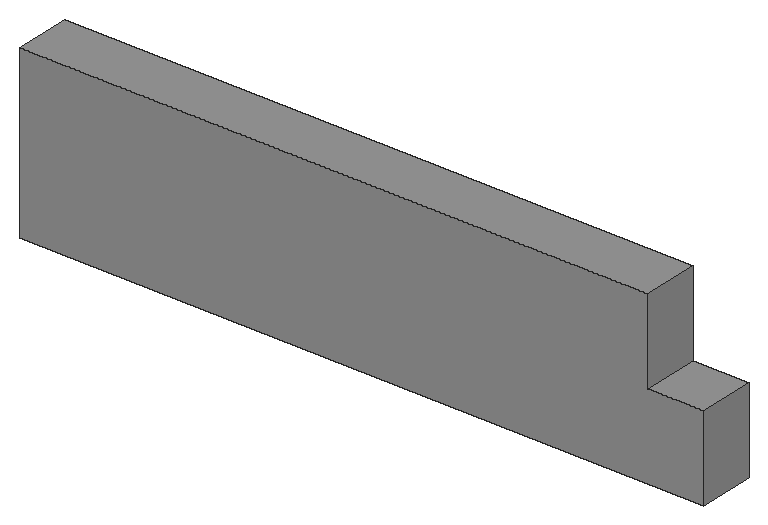
Revit family "Stonepanel_JetDark_PiezaDeEncuentro_ESP", category Modelos genéricos, Revit 2016
Family settings
  Anfitrión = Muro
  Tipo de pieza = Normal
  Puede alojar armadura = No
  Cota de conector redondo = Diámetro de uso
  Siempre vertical = Sí
  Corte con vacíos al cargar = No
  Compartido = No
  Punto de cálculo de habitación = No
Parameters (values of type "Stonepanel® SKY Jet Dark")
  Ventajas de Stonepanel = "Eficaz: Instalación ágil y sencilla : 10 veces más rápido que la mampostería tradicional (Ritmo medio de colocación de 20 m2/día). Mayor rentabilidad gracias al menor desperdicio de material en obra y a la durabilidad de un producto natural frente a otros revestimientos. La colocación de los paneles no requiere mano de obra ni maquinaria especializada.\r\nSeguro: Un sistema de anclaje patentado, de acero inoxidable, que permite su instalación a más de 2 metros de altura. Base de cemento homogénea y rugosa que garantiza la adhesión y permite el corte sin desprendimiento.\r\nCalidad: Control permanente del proceso de producción desde la oficina I+D+I. Una cuidada selección de piedra natural realizada por los expertos de CUPASTONE. Disponibilidad de piezas especiales para adaptarse perfectamente a cada edificio: esquinas (macizas, rectas, dobles o para ventanas), cubremuros, y otros complementarios.\r\nEstética: Forma de “S” que evita la visión de las juntas para homogenizar el aspecto final. Gran variedad de paneles para elegir entre colores y acabados de piedra natural. La propia belleza y exclusividad de la piedra natural: Cada piedra es\r\núnica."
  Usos Indicados = "Revestimiento de Paredes exteriores e interiores en edificaciones nuevas o rehabilitaciones"
  Uniclass 2015 = "Pr_25_71_14_56 Natural stone panels"
  Uniclass 2 = "Pr_25_71_14_56 Natural stone panels"
  URL = "http://www.cupastone.es/producto/stonepanel-laja-negra/"
  Sistema de anclaje = "Cinta perforada en acero inoxidable:\r\n- Naturaleza del acero: AISI 316 (1.4401) o AISI 304 (1.4301)\r\n- Espesor mínimo (mm) : 0,7\r\n- Ancho (mm) : 12 a 15\r\n- Diámetro del hueco (mm) : 6 ± 1\r\n\r\nTacos:\r\nLa elección de los tacos y clavijas de fijación debe ser realizada teniendo en cuenta la acción en depresión del viento (muros exteriores) y de la resistencia de los tacos en el soporte, en función de la naturaleza del soporte."
  Resistencia al fuego = "No combustible"
  Resistencia a la flexión = "-"
  Resistencia al hielo = "Sin alteraciones despues de 50 ciclos"
  Resistencia = "Buena resistencia"
  Peso = "6,5 kg"
  Oxidación = "No oxida"
  Otros datos de interés del producto = "Dispone de un anclaje para instalar a alturas superiores a 2 metros"
  Omniclass = "23-15 15 15 11"
  Número de serie = "SPZ-18TS"
  NBS Reference = "45-25-45/380 Natural stone panels"
  Modelo = "Stonepanel® SKY Laja Negra"
  Material = "Panel de pizarra tradicional, de tonalidades negras y azuladas con tendencia a la oxidación en exteriores, para crear paredes o fachadas únicas, elegantes y llenas de personalidad."
  Limpieza = "En general, los paneles no requieren mantenimiento y son auto- limpiantes, pero la eliminación de algunos tipos de marcas pueden requerir un tratamiento especializado.\r\nEn caso de suciedad anormal, la superficie puede limpiarse con una mezcla / detergente doméstico y agua caliente , aplicada con una almohadilla de limpieza adecuado o una esponja."
  Largo = 610 mm
  Impacto = "-"
  Imagen de tipo = <Ninguno>
  Formato = "610x152"
  Forma de suministro = "Los paneles se presentan en parejas, en un embalaje plástico o en cajas de cartón de 3 o 4 piezas."
  Forma = "Forma de \"s\""
  Fabricante = "Cupastone"
  Envejecimiento por cambio térmicos = "Sin alteraciones despues de 20 ciclos."
  Ensayos realizados por SINTEF = "Ensayo a los materiales de piedra, Ensayos a los paneles, Durabilidad y absorción de agua"
  Ensayos realizados por DIBt = "Adherencia entre piedra y mortero, Adherencia entre piedra y mortero tras 50 ciclos de hielo-deshielo"
  Ensayos realizados por BBA = "Resistencia a daños por heladicidad, Resistencia a choque térmico, Adherencia entre piedra y mortero, Resistencia al arrancamiento del anclaje, Resistencia a impacto"
  Ensayos realizados por Avis Technique = "Resistencia mecánica del anclaje, Resistencia mecánica de la cinta de seguridad, Ensayo de durabilidad tras la acción del agua, Ensayo de durabilidad tras la acción del hielo, Ensayo sísmico"
  Durabilidad = "Según el certificado BBA, el sistema tiene una vida de diseño superior a 30 años."
  Detalles constructivos = "Detalles de:\r\n- Instalación con perfil metálico\r\n- Instalación de Stonepanel\r\n- Instalación en muro interior\r\n- Instalación del elemento de seguridad (cinta perforada + tacos)\r\n- Esquinas entrantes\r\n- Esquinas salientes\r\n- Esquinas salientes pre-fabricadas\r\n- Esquinas salientes mediante serrado del panel\r\n- Esquinas salientes sin continuidad de Stonepanel (caso de una fachada lateral)\r\n- Bordes superiores\r\n- Sobre parapeto\r\n- Marco de vano"
  Desfase de altura = 0 mm
  Descripción = "Pieza de piedra natural montada sobre una base de cemento y reforzada con una malla de fibra de vidrio .\r\nPosee sistema de anclaje patentado, de acero inoxidable, que permite su instalación a más de 2 metros de altura"
  Densidad aparente = "77 kg/m2"
  Color secundario = "Gris y marrón"
  Color principal = "Negro"
  Certificaciones = "BBA - Reino Unido, Avis Technique - Francia, DIBt - Alemania, SINTEF - Noruega"
  Aspecto = "Rústico"
  Ancho = 50 mm
  Alto = 152 mm
  Adherencia del mortero = ">1N/mm2"
  Acabado = "Natural"
  Absorción = "Baja absorción"
Types (2): name
  Stonepanel® SKY Jet Dark
  Stonepanel® SKY Laja Negra. 15,2 cm - 61 cm
Reference planes
  plane 1 "Muro": y = 0
  plane 2 "Centro (Izquierda/Derecha)": x = 125
  plane 3 "Posterior": y = 75
Forms (mm)
  Extrusion 1, solid, material "Stonepanel® SKY Jet Dark"
    sketch origin (0, 160, 1120) x (1, 0, 0) y (0, 0, 1)
      loop
        line (125, -1120) -> (125, -1044) -> (75, -1044) -> (75, -968) -> (-485, -968) -> (-485, -1120) -> (125, -1120)
    from 35 to 85
Text (mm)
  text "Cara de colocación" at (-1848.837, 1116.779, 0), in view "Nivel de referencia"
  text "Cara de colocación" at (0, 1409.804, 2854.306), in view "Izquierda"
  text "Cara de colocación" at (0, 499.811, 2980.732), in view "Derecha"
Dimensions and locks
  locked: plane 3 "Posterior" to host wall
  locked: Extrusion 1 to plane 3 "Posterior" at 0
  "Ancho": Extrusion 1 to Extrusion 1
  "Largo": Extrusion 1 to Extrusion 1
  locked: Extrusion 1 to Extrusion 1 at 76
  "Desfase de altura": level to Extrusion 1
  locked: Extrusion 1 to Extrusion 1 at 50
  "Alto": Extrusion 1 to Extrusion 1
  aligned and locked: plane 1 "Muro" to host wall
Automatic sketch dimensions
  Extrusion 1 sketch curve to level = 0 mm
  Extrusion 1 sketch curve to plane 2 "Centro (Izquierda/Derecha)" = 0 mm
  Extrusion 1 sketch curve to plane 2 "Centro (Izquierda/Derecha)" = 50 mm
  level to Extrusion 1 sketch curve = 152 mm
  Extrusion 1 sketch curve to Extrusion 1 sketch curve = 560 mm
  level to Extrusion 1 sketch curve = 76 mm
